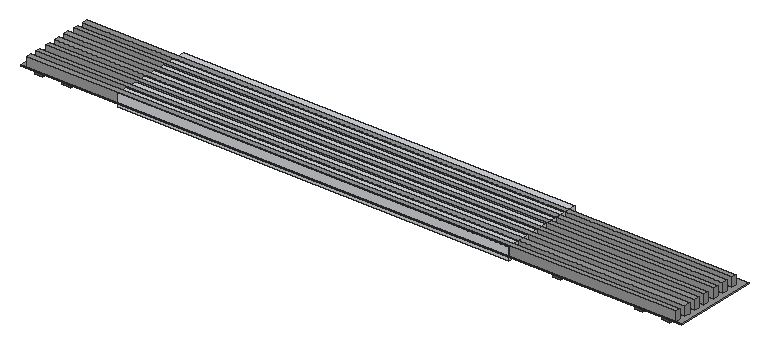
Revit family "1112-7, Veneer", category Generic Models, host Face, Revit 2020
Family settings
  Host = Face
  Can host rebar = No
  Round Connector Dimension = Use Diameter
  Part Type = Normal
  Cut with Voids When Loaded = No
  Shared = No
  Room Calculation Point = No
Parameters
  min_value [instance] = 1' - 11 1/4"  # constant formula
  max_value [instance] = 9' - 11 1/4"  # constant formula
  actual_value [instance] = if(NET LENGTH < min_value, min_value, if(NET LENGTH > max_value, max_value, NET LENGTH))  # 7' - 11 1/4"
  SCRIM MATERIAL [instance] = SCRIM
  SCRIM [instance] = yes
  NET LENGTH [instance] = 7' - 11 1/4"
  Default Elevation = 4' - 0"
  BACKER MATERIAL [instance] = BLACK-BACKERS
  .. MEMBER WIDTH [instance] = 0' - 0 3/4"  # constant formula
  .. MEMBER MATERIAL [instance] = Veneer Cherry
  .. MEMBER LENGTH [instance] = actual_value  # 7' - 11 1/4"
  .. MEMBER DEPTH [instance] = 0' - 1 3/8"  # constant formula
  .. MEMBER COUNT [instance] = 7  # constant formula
  IMPORTANT NOTE!!!                                                                             *Backer layout is for visualization purposes only, final layout to be determined by 9Wood. [instance] = ""
Reference planes (in)
  plane 1 "Center (Front/Back)": y = 0
  plane 2: z = 1.82209
  plane 3 "Center (Left/Right)": x = 0
Forms (in)
  Extrusion 1, solid
    sketch origin (132, -33.80483, 0) x (1, 0, 0) y (0, 1, 0)
      loop
        line (-118.625, 33.80483) -> (-61.26146, 33.80483) -> (-61.26146, 45.86733) -> (-118.625, 45.86733) -> (-118.625, 33.80483)
    from 1.82209 to 0
Dimensions and locks (in)
  aligned and locked: Extrusion 1 to plane 2
  aligned and locked: plane 3 "Center (Left/Right)" to nested 1
Nested families (in)
  nested 1: "1100 SERIES CONFIG" at (0, 2, 0), .. MEMBER DEPTH <- ".. MEMBER DEPTH", .. MEMBER LENGTH <- ".. MEMBER LENGTH", .. MEMBER WIDTH <- ".. MEMBER WIDTH", .. MEMBER MATERIAL <- ".. MEMBER MATERIAL", BACKING M MATERIAL <- "BACKER MATERIAL", SCRIM  MATERIAL <- "SCRIM MATERIAL", .. MEMBER COUNT <- ".. MEMBER COUNT", SCRIM <- "SCRIM", type "1100 SERIES CONFIG"
    with X 7' - 8", SCRIM OVERHANG 2 0' - 0 3/32", SCRIM OVERHANG 0' - 0 7/8", SCRIM LENGTH 8' - 1", SCRIM  MATERIAL SCRIM, SCRIM yes, NOMINAL LENGTH 7, N 8, Inset 6' - 0 3/8", INSET 0' - 1", INDEX 0' - 5 5/8", HALF MEMBER WIDTH 0' - 0 3/8", HALF LENGTH 3' - 11 5/8", END BACKER yes, BACKING M WIDTH 0' - 1 1/4", BACKING M OC SPACING 1' - 0", BACKING M MATERIAL BLACK-BACKERS, BACKING M LENGTH 0' - 11 7/8", BACKING M DEPTH 0' - 0 1/2", BACKING M COUNT 8, 3/16" INSET 0' - 0 3/16", .. MEMBER WIDTH 0' - 0 3/4", .. MEMBER OC SPACING 0' - 1.71429", .. MEMBER MATERIAL Veneer Cherry, .. MEMBER LENGTH 7' - 11 1/4", .. MEMBER DEPTH 0' - 1 3/8", .. MEMBER COUNT 7
Definition of nested family "1100 SERIES CONFIG"
  Parameters (values of type "1100 SERIES CONFIG")
    X [instance] = .. MEMBER LENGTH - 0' 3 1/4"  # 5' - 5"
    SCRIM OVERHANG 2 [instance] = 0' - 0 3/32"  # constant formula
    SCRIM OVERHANG [instance] = 0' - 0 7/8"  # constant formula
    SCRIM LENGTH [instance] = .. MEMBER LENGTH + (SCRIM OVERHANG * 2)  # 5' - 10"
    SCRIM  MATERIAL [instance] = none
    SCRIM [instance] = yes
    NOMINAL LENGTH [instance] = 7
    N [instance] = if((X - (rounddown(X / 1' 0") * 1' 0")) > 1' 0", rounddown(X / 1' 0") + 2, rounddown(X / 1' 0") + 1)  # 6
    Inset [instance] = 6' - 0 3/8"  # constant formula
    INSET [instance] = 0' - 1"  # constant formula
    END BACKER [instance] = INDEX > 0' 3 5/8"  # yes
    INDEX [instance] = (.. MEMBER LENGTH - ((N - 1) * 1' 0")) / 2  # 0' - 4 1/8"
    HALF MEMBER WIDTH [instance] = .. MEMBER WIDTH / 2  # 0' - 0 5/16"
    HALF LENGTH [instance] = .. MEMBER LENGTH / 2  # 2' - 10 1/8"
    Default Elevation = 0' - 0"
    BACKING M WIDTH [instance] = 0' - 1 1/4"
    BACKING M SPACING = 3' - 3"
    BACKING M MATERIAL [instance] = none
    BACKING M LENGTH [instance] = 0' - 11 7/8"
    BACKING M DEPTH [instance] = 0' - 0 1/2"
    BACKING M COUNT [instance] = N  # 6
    BACKING M OC SPACING [instance] = 1' - 0"  # constant formula
    3/16" INSET [instance] = 0' - 0 3/16"  # constant formula
    .. MEMBER WIDTH [instance] = 0' - 0 5/8"
    .. MEMBER OC SPACING [instance] = 1' 0" / .. MEMBER COUNT  # 0' - 4"
    .. MEMBER MATERIAL [instance] = none
    .. MEMBER LENGTH [instance] = 5' - 8 1/4"
    .. MEMBER DEPTH [instance] = 0' - 1 3/8"
    .. MEMBER COUNT [instance] = 3
  Reference planes (in)
    plane 1 "Center (Front/Back)": y = -2
    plane 2: z = 0
    plane 3 "Center (Left/Right)": x = 0
    plane 4: x = 1
    plane 5: x = 4.125
    plane 6: x = 34.125
    plane 7: x = 68.25
    plane 8: x = 67.25
    plane 9: x = 16.125
    plane 10: y = -1.8125
    plane 11: y = -1.6875
    plane 12: y = 2.3125
    plane 13: x = 69.125
    plane 14: x = -0.875
    plane 15: z = 0.5
    plane 16: z = 0.5625
    plane 17: y = 10.0625
    plane 18: y = 10.15625
    plane 19: y = -2.09375
  Dimensions and locks (in)
    "INSET": plane 3 "Center (Left/Right)" to plane 4
    "INDEX": plane 3 "Center (Left/Right)" to plane 5
    "HALF LENGTH": plane 3 "Center (Left/Right)" to plane 6
    ".. MEMBER LENGTH": plane 3 "Center (Left/Right)" to plane 7
    "INSET": plane 8 to plane 7
    equal spacing: group 2, group 3, group 6, group 7, group 8, group 9  (x3)
    "3/16" INSET": plane 1 "Center (Front/Back)" to plane 10
    ".. MEMBER OC SPACING": plane 12 to plane 11
    "SCRIM OVERHANG": plane 14 to plane 3 "Center (Left/Right)"
    "SCRIM OVERHANG": plane 7 to plane 13
    equal spacing: group 1, group 4, group 5  (x2)
    equal spacing: group 5, group 4, group 1
    "HALF MEMBER WIDTH": plane 1 "Center (Front/Back)" to plane 11
    "BACKING M OC SPACING": plane 5 to plane 9
    "SCRIM OVERHANG 2": plane 18 to plane 17
    "SCRIM OVERHANG 2": plane 19 to plane 1 "Center (Front/Back)"
    aligned and locked: level to plane 2
    aligned and locked: plane 6 to nested 1
    aligned and locked: nested 2 to plane 4
    aligned and locked: plane 5 to nested 3
    aligned and locked: plane 1 "Center (Front/Back)" to nested 1
    aligned and locked: nested 2 to plane 10
    aligned and locked: nested 3 to plane 10
    aligned and locked: nested 5 to plane 10
    aligned and locked: nested 4 to plane 10
    aligned and locked: nested 6 to plane 14
    aligned and locked: plane 12 to nested 7
    aligned and locked: nested 7 to plane 3 "Center (Left/Right)"
    aligned and locked: plane 9 to nested 5
    aligned and locked: plane 8 to nested 4
    aligned and locked: plane 15 to nested 2
    aligned and locked: nested 6 to plane 15
    aligned and locked: nested 1 to plane 16
    aligned and locked: nested 7 to plane 16
    aligned and locked: nested 6 to plane 19
  Nested families (in)
    nested 1: "INSTANCE - Parametric Cube" at (34.125, -1.6875, 1.9375), Length <- ".. MEMBER WIDTH", Height <- ".. MEMBER DEPTH", Width <- ".. MEMBER LENGTH", Material <- ".. MEMBER MATERIAL", type "INSTANCE - Parametric Cube"
      with Width 5' - 8 1/4", Material none, Length 0' - 0 5/8", Height 0' - 1 3/8"
    nested 2: "2ND INSTANCE - Parametric Cube" at (1.625, 4.125, 0), Height <- "BACKING M DEPTH", Length <- "BACKING M LENGTH", Width <- "BACKING M WIDTH", Material <- "BACKING M MATERIAL", visible <- "END BACKER", type "2ND INSTANCE - Parametric Cube"
      with Width 0' - 1 1/4", Material none, Length 0' - 11 7/8", Height 0' - 0 1/2"
    nested 3: "2ND INSTANCE - Parametric Cube" at (4.125, 4.125, 0), Length <- "BACKING M LENGTH", Height <- "BACKING M DEPTH", Width <- "BACKING M WIDTH", Material <- "BACKING M MATERIAL", type "2ND INSTANCE - Parametric Cube"
      with Width 0' - 1 1/4", Material none, Length 0' - 11 7/8", Height 0' - 0 1/2"
    nested 4: "2ND INSTANCE - Parametric Cube" at (66.625, 4.125, 0), Width <- "BACKING M WIDTH", Length <- "BACKING M LENGTH", Height <- "BACKING M DEPTH", Material <- "BACKING M MATERIAL", visible <- "END BACKER", type "2ND INSTANCE - Parametric Cube"
      with Width 0' - 1 1/4", Material none, Length 0' - 11 7/8", Height 0' - 0 1/2"
    nested 5: "2ND INSTANCE - Parametric Cube" at (16.125, 4.125, 0), Length <- "BACKING M LENGTH", Height <- "BACKING M DEPTH", Width <- "BACKING M WIDTH", Material <- "BACKING M MATERIAL", type "2ND INSTANCE - Parametric Cube"
      with Width 0' - 1 1/4", Material none, Length 0' - 11 7/8", Height 0' - 0 1/2"
    nested 6: "3RD INSTANCE - Parametric Cube" at (34.125, 4.0445, 0.5), Width <- "SCRIM LENGTH", Material <- "SCRIM  MATERIAL", visible <- "SCRIM", type "3RD INSTANCE - Parametric Cube"
      with Width 5' - 10", Material none, Length 1' - 0.27649", Height 0' - 0 1/16"
    nested 7: "INSTANCE - Parametric Cube" at (34.125, 2.3125, 1.9375), Length <- ".. MEMBER WIDTH", Height <- ".. MEMBER DEPTH", Width <- ".. MEMBER LENGTH", Material <- ".. MEMBER MATERIAL", type "INSTANCE - Parametric Cube"
      with Width 5' - 8 1/4", Material none, Length 0' - 0 5/8", Height 0' - 1 3/8"
    nested 8: "INSTANCE - Parametric Cube" at (34.125, 6.3125, 1.9375), Length <- ".. MEMBER WIDTH", Height <- ".. MEMBER DEPTH", Width <- ".. MEMBER LENGTH", Material <- ".. MEMBER MATERIAL", type "INSTANCE - Parametric Cube"
      with Width 5' - 8 1/4", Material none, Length 0' - 0 5/8", Height 0' - 1 3/8"
    nested 9: "2ND INSTANCE - Parametric Cube" at (28.125, 4.125, 0), Length <- "BACKING M LENGTH", Height <- "BACKING M DEPTH", Width <- "BACKING M WIDTH", Material <- "BACKING M MATERIAL", type "2ND INSTANCE - Parametric Cube"
      with Width 0' - 1 1/4", Material none, Length 0' - 11 7/8", Height 0' - 0 1/2"
    nested 10: "2ND INSTANCE - Parametric Cube" at (40.125, 4.125, 0), Length <- "BACKING M LENGTH", Height <- "BACKING M DEPTH", Width <- "BACKING M WIDTH", Material <- "BACKING M MATERIAL", type "2ND INSTANCE - Parametric Cube"
      with Width 0' - 1 1/4", Material none, Length 0' - 11 7/8", Height 0' - 0 1/2"
    nested 11: "2ND INSTANCE - Parametric Cube" at (52.125, 4.125, 0), Length <- "BACKING M LENGTH", Height <- "BACKING M DEPTH", Width <- "BACKING M WIDTH", Material <- "BACKING M MATERIAL", type "2ND INSTANCE - Parametric Cube"
      with Width 0' - 1 1/4", Material none, Length 0' - 11 7/8", Height 0' - 0 1/2"
    nested 12: "2ND INSTANCE - Parametric Cube" at (64.125, 4.125, 0), Length <- "BACKING M LENGTH", Height <- "BACKING M DEPTH", Width <- "BACKING M WIDTH", Material <- "BACKING M MATERIAL", type "2ND INSTANCE - Parametric Cube"
      with Width 0' - 1 1/4", Material none, Length 0' - 11 7/8", Height 0' - 0 1/2"
  Definition of nested family "INSTANCE - Parametric Cube"
    Parameters (values of type "INSTANCE - Parametric Cube")
      Width [instance] = 0' - 6"
      Material [instance] = none
      Length [instance] = 1' - 0"
      Height [instance] = 1' - 6"
      Default Elevation = 0' - 0"
    Reference planes (in)
      plane 1 "Center (Front/Back)": y = 0
      plane 2: z = 0
      plane 3 "Center (Left/Right)": x = 0
      plane 4: x = -3
      plane 5: x = 3
      plane 6: y = 6
      plane 7: y = -6
      plane 8: z = -18
    Forms (in)
      Extrusion 1, solid, material <- "Material"
        sketch origin (0, 0, 0) x (1, 0, 0) y (0, 1, 0)
          loop
            line (-3, 6) -> (-3, -6) -> (3, -6) -> (3, 6) -> (-3, 6)
        from -18 to 0
    Dimensions and locks (in)
      equal spacing: plane 4, plane 3 "Center (Left/Right)", plane 5
      equal spacing: plane 6, plane 1 "Center (Front/Back)", plane 7
      "Length": plane 6 to plane 7
      "Width": plane 4 to plane 5
      "Height": plane 8 to level
      aligned and locked: plane 2 to level
      aligned and locked: Extrusion 1 sketch curve to plane 6
      aligned and locked: plane 4 to Extrusion 1 sketch curve
      aligned and locked: plane 7 to Extrusion 1 sketch curve
      aligned and locked: Extrusion 1 sketch curve to plane 5
      aligned and locked: Extrusion 1 to plane 8
  Definition of nested family "2ND INSTANCE - Parametric Cube"
    Parameters (values of type "2ND INSTANCE - Parametric Cube")
      Width [instance] = 0' - 6"
      Material [instance] = none
      Length [instance] = 1' - 0"
      Height [instance] = 1' - 6"
      Default Elevation = 0' - 0"
    Reference planes (in)
      plane 1 "Center (Front/Back)": y = 0
      plane 2: z = 0
      plane 3 "Center (Left/Right)": x = 0
      plane 4: x = -3
      plane 5: x = 3
      plane 6: y = 6
      plane 7: y = -6
      plane 8: z = 18
    Forms (in)
      Extrusion 1, solid, material <- "Material"
        sketch origin (0, 0, 0) x (1, 0, 0) y (0, 1, 0)
          loop
            line (-3, 6) -> (-3, -6) -> (3, -6) -> (3, 6) -> (-3, 6)
        from 0 to 18
    Dimensions and locks (in)
      equal spacing: plane 4, plane 3 "Center (Left/Right)", plane 5
      equal spacing: plane 6, plane 1 "Center (Front/Back)", plane 7
      "Length": plane 6 to plane 7
      "Width": plane 4 to plane 5
      "Height": level to plane 8
      aligned and locked: plane 2 to level
      aligned and locked: Extrusion 1 sketch curve to plane 6
      aligned and locked: plane 4 to Extrusion 1 sketch curve
      aligned and locked: plane 7 to Extrusion 1 sketch curve
      aligned and locked: Extrusion 1 sketch curve to plane 5
      aligned and locked: plane 8 to Extrusion 1
      aligned and locked: Extrusion 1 to level
  Definition of nested family "3RD INSTANCE - Parametric Cube"
    Parameters (values of type "3RD INSTANCE - Parametric Cube")
      Width [instance] = 0' - 6"
      Material [instance] = none
      Length [instance] = 1' - 0"
      Height [instance] = 1' - 6"
      Default Elevation = 0' - 0"
    Reference planes (in)
      plane 1 "Center (Front/Back)": y = 0
      plane 2: z = 0
      plane 3 "Center (Left/Right)": x = 0
      plane 4: x = -3
      plane 5: x = 3
      plane 6: y = 6
      plane 7: y = -6
      plane 8: z = 18
    Forms (in)
      Extrusion 1, solid, material <- "Material"
        sketch origin (0, 0, 0) x (1, 0, 0) y (0, 1, 0)
          loop
            line (-3, 6) -> (-3, -6) -> (3, -6) -> (3, 6) -> (-3, 6)
        from 0 to 18
    Dimensions and locks (in)
      equal spacing: plane 4, plane 3 "Center (Left/Right)", plane 5
      equal spacing: plane 6, plane 1 "Center (Front/Back)", plane 7
      "Length": plane 6 to plane 7
      "Width": plane 4 to plane 5
      "Height": level to plane 8
      aligned and locked: plane 2 to level
      aligned and locked: Extrusion 1 sketch curve to plane 6
      aligned and locked: plane 4 to Extrusion 1 sketch curve
      aligned and locked: plane 7 to Extrusion 1 sketch curve
      aligned and locked: Extrusion 1 sketch curve to plane 5
      aligned and locked: plane 8 to Extrusion 1
      aligned and locked: Extrusion 1 to level
